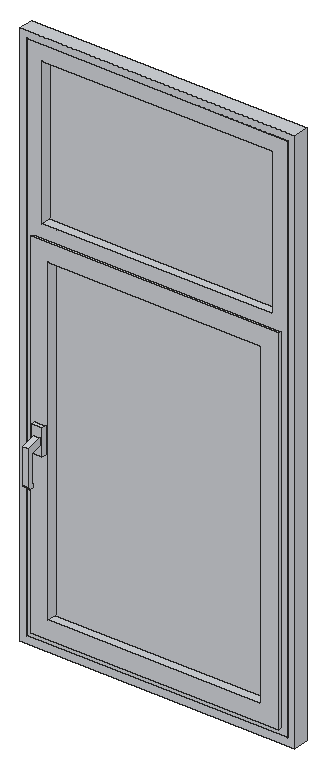
Revit family "Окно.Alumark_с фрамугой_S44", category Окна, Revit 2017
Family settings
  Основа = Стена
  Номер OmniClass = 23.30.20.00
  Заголовок OmniClass = Windows
  Всегда вертикально = Да
  При загрузке вырезать с полостями = Нет
  Общий = Нет
  Точка расчета площади = Нет
Parameters (values of type "760х1560 (правое-откидное)")
  штапик_ширина = 18 mm  # constant formula
  штапик_толщина = if(Тип стеклопакета = сп_24_мм, 20 mm, 28 mm)  # 28 mm
  четверть.справа.размер [instance] = if(Одинаковые четверти, Четверти, Четверть справа)  # 0 mm
  стена_толщина [instance] = 600 mm
  створка_ширина = Rough Width - (рама_ширина * 2)  # 672 mm
  створка_тип-2 = Створка оконная : 48/59 мм (ALM244202)
  створка_тип-1 = Створка оконная : 32/43 мм (ALM244201)
  створка_сверху_высота = Высота створки сверху - рама_ширина - (импост_ширина / 2)  # 425 mm
  створка_высота = Rough Height - (рама_ширина * 2)  # 1472 mm
  створка_внизу_высота = Rough Height - Высота створки сверху - рама_ширина - (импост_ширина / 2)  # 985 mm
  размер_Z = if(#_рамы = 2000000, 42 mm, 26 mm)  # 26 mm
  размер_Y = if(#_рамы = 2000000, 36 mm, 20 mm)  # 20 mm
  размер_X = if(#_створки = 20000, 59 mm, 43 mm)  # 43 mm
  профиль_створка_сверху_длина = if(Створка сверху = глухая_створка, 0 mm, ((Rough Width - (размер_Y * 2)) + (Высота створки сверху - (размер_Y * 2))) * 2)  # 0 mm
  профиль_створка_внизу_длина = if(Створка внизу = глухая_створка, 0 mm, ((Rough Width - (размер_Y * 2)) + (Rough Height - Высота створки сверху - (размер_Y * 2))) * 2)  # 3480 mm
  подоконник_глубина [instance] = if(стена_толщина < (Вставка окна + рама_толщина), Выступ подоконника + Выступ проёма внутри, (стена_толщина + Выступ подоконника + Выступ проёма внутри) - (Вставка окна + рама_толщина))  # 586 mm
  обозначение_проема_ширина = Rough Width / 6  # 126.667 mm
  обозначение_проема_высота = Rough Height / 6  # 260 mm
  импост_ширина = if(#_рамы = 2000000, 78 mm, 62 mm)  # 62 mm
  глухая_створка = Окна.Alumark_створка_двупольная (S44) : Глухая
  Четверть справа [instance] = 65 mm
  четверть.слева.размер [instance] = if(Одинаковые четверти, Четверти, Четверть слева)  # 0 mm
  Четверть слева [instance] = 65 mm
  четверть.сверху.размер [instance] = if(Одинаковые четверти, Четверти, Четверть сверху)  # 0 mm
  Четверть сверху [instance] = 75 mm
  Четверти [instance] = 0 mm
  профиль створки_ширина = if(#_створки = 20000, 59 mm, 43 mm)  # 43 mm
  Тип стеклопакета = 16мм 1-камерный : 16мм 1-камерный
  Тип створки = Створка оконная : 32/43 мм (ALM244201)
  ТБМ_Стеклопакет_Ширина 2 = if(Створка внизу = глухая_створка, Rough Width - ((размер_Z + 7 mm) * 2), Rough Width - ((размер_Y + размер_X + 4 mm) * 2))  # 626 mm
  ТБМ_Стеклопакет_Ширина 1 = if(Створка сверху = глухая_створка, Rough Width - ((размер_Z + 7 mm) * 2), Rough Width - ((размер_Y + размер_X + 4 mm) * 2))  # 694 mm
  ТБМ_Стеклопакет_Высота 2 = if(Створка внизу = глухая_створка, Rough Height - Высота створки сверху - ((размер_Z + 7 mm) * 2), Rough Height - Высота створки сверху - ((размер_Y + размер_X + 4 mm) * 2))  # 926 mm
  ТБМ_Стеклопакет_Высота 1 = if(Створка сверху = глухая_створка, Высота створки сверху - ((размер_Z + 7 mm) * 2), Высота створки сверху - ((размер_Y + размер_X + 4 mm) * 2))  # 434 mm
  ТБМ_Соответствие рекомендациям = if(or(Rough Width > 1200 mm, Rough Height > 3000 mm), "Размеры окна не соответствует рекомендациям компании ТБМ, требуется индивидуальный подбор", "Размеры окна соответствует рекомендациям компании ТБМ")  # "Размеры окна соответствует рекомендациям компании ТБМ"
  ТБМ_Расход_Клей = ((if(#_рамы = 2000000, 5, if(#_рамы = 3000000, 7, 3.5))) * 8) + (if(Створка сверху = глухая_створка, 0, if(#_створки = 30000, 10.5, if(#_створки = 40000, 15.5, 8.5))) * 4) * 2  # 28
  ТБМ_Площадь стеклопакета = (ТБМ_Стеклопакет_Высота 1 * ТБМ_Стеклопакет_Ширина 1) + (ТБМ_Стеклопакет_Высота 2 * ТБМ_Стеклопакет_Ширина 2)  # 0.880872 m²
  ТБМ_Количество_Уголок жесткости = (if(Створка сверху = глухая_створка, 0, 4)) + (if(Створка внизу = глухая_створка, 0, 4))  # 4
  ТБМ_Количество_Уголок выравнивающий = (if(Створка сверху = глухая_створка, 0, 4)) + (if(Створка внизу = глухая_створка, 0, 4)) + 4  # 8
  ТБМ_Количество_Угловой соединитель створки = (if(Створка сверху = глухая_створка, 0, 4)) + (if(Створка внизу = глухая_створка, 0, 4))  # 4
  ТБМ_Количество_Угловой соединитель рамы = 4  # constant formula
  ТБМ_Количество_Распорный штифт = (ТБМ_Количество_Угловой соединитель рамы * 4) + (ТБМ_Количество_Угловой соединитель створки * 4)  # 32
  ТБМ_Количество_Подкладка под СП = 12  # constant formula
  ТБМ_Длина_Штапик = (if(Створка сверху = глухая_створка, ((Rough Width - (размер_Z * 2)) + (Высота створки сверху - (размер_Z * 2))) * 2, ((Rough Width - ((размер_Y + размер_X) * 2)) + (Высота створки сверху - ((размер_Y + размер_X) * 2))) * 2)) + (if(Створка внизу = глухая_створка, ((Rough Width - (размер_Z * 2)) + (Rough Height - Высота створки сверху - (размер_Z * 2))) * 2, ((Rough Width - ((размер_Y + размер_X) * 2)) + (Rough Height - Высота створки сверху - ((размер_Y + размер_X) * 2))) * 2))  # 5448 mm
  ТБМ_Длина_Уплотнитель притвора = (if(Створка сверху = глухая_створка, 0 mm, ТБМ_Длина_Створка)) + (if(Створка внизу = глухая_створка, 0 mm, ТБМ_Длина_Створка))  # 3480 mm
  ТБМ_Длина_Уплотнитель наружный = (if(Створка сверху = глухая_створка, ТБМ_Длина_Рама, ТБМ_Длина_Створка)) + (if(Створка внизу = глухая_створка, ТБМ_Длина_Рама, ТБМ_Длина_Створка))  # 8120 mm
  ТБМ_Длина_Уплотнитель внутренний = (if(Створка сверху = глухая_створка, ТБМ_Длина_Рама, ТБМ_Длина_Створка)) + (if(Створка внизу = глухая_створка, ТБМ_Длина_Рама, ТБМ_Длина_Створка))  # 8120 mm
  ТБМ_Длина_Створка = профиль_створка_внизу_длина + профиль_створка_сверху_длина  # 3480 mm
  ТБМ_Длина_Рама = (Rough Width + Rough Height) * 2  # 4640 mm
  ТБМ_Длина_Отлив = (if(Створка сверху = глухая_створка, 0 mm, створка_ширина - (размер_Y * 2) - 74 mm)) + (if(Створка внизу = глухая_створка, 0 mm, (Rough Width - створка_ширина) - (размер_Y * 2) - 74 mm))  # -26 mm
  ТБМ_Длина_Импост = Rough Width - (размер_Y * 2)  # 720 mm
  ТБМ_Артикул_Штапик = if(Тип стеклопакета = сп_24_мм, "ALM244006", "ALM244013")  # "ALM244013"
  ТБМ_Артикул_Уплотнитель притвора = if(and(Створка сверху = глухая_створка, Створка внизу = глухая_створка), "", "ALM770001")  # "ALM770001"
  ТБМ_Артикул_Уплотнитель наружный = "ALM770004"  # constant formula
  ТБМ_Артикул_Уплотнитель внутренний = "ALM770207"  # constant formula
  ТБМ_Артикул_Уголок жесткости = if(and(Створка сверху = глухая_створка, Створка внизу = глухая_створка), "", "ALM744501")  # "ALM744501"
  ТБМ_Артикул_Уголок выравнивающий = "ALM744014"  # constant formula
  ТБМ_Артикул_Угловой соединитель створки = if(and(Створка сверху = глухая_створка, Створка внизу = глухая_створка), "", if(#_створки = 20000, "ALM420015", "ALM420011"))  # "ALM420011"
  ТБМ_Артикул_Угловой соединитель рамы = if(#_рамы = 2000000, "ALM420015", "ALM420011")  # "ALM420011"
  ТБМ_Артикул_Створка = if(and(Створка сверху = глухая_створка, Створка внизу = глухая_створка), "", if(#_створки = 20000, "ALM244202", "ALM244201"))  # "ALM244201"
  ТБМ_Артикул_Распорный штифт = "ALM885010"  # constant formula
  ТБМ_Артикул_Рама = if(#_рамы = 2000000, "ALM244102", "ALM244101")  # "ALM244101"
  ТБМ_Артикул_Подкладка под СП = "ALM740307"  # constant formula
  ТБМ_Артикул_Отлив = if(and(Створка сверху = глухая_створка, Створка внизу = глухая_створка), "", "ALM460035-1.07")  # "ALM460035-1.07"
  ТБМ_Артикул_Клей = "KMR0014"  # constant formula
  ТБМ_Артикул_Импост = if(#_рамы = 2000000, "ALM244302", "ALM244301")  # "ALM244301"
  Створка внизу = Окна.Alumark_створка_двупольная (S44) : Правая-откидная
  Створка сверху = Окна.Alumark_створка_двупольная (S44) : Глухая
  Тип рамы = Рама оконная : 44/26 мм (ALM244101)
  Тип подоконника [instance] = Окна.Alumark_подоконник : ПВХ
  таблица выбора = "Каталог_окна_S44"  # constant formula
  номер профиля = #_рамы + #_створки + if(Тип стеклопакета = сп_24_мм, 200, 100) + if(Заполнение стеклопакета = sp_energy, 2, if(Заполнение стеклопакета = sp_gaz, 3, 1))  # 1000101
  Разработчик (телефон) = "+7(495)649-85-43"  # constant formula
  Разработчик (e-mail) = "office@prorubim.com"  # constant formula
  Разработчик = "ООО ПРОРУБИМ"  # constant formula
  Материал фурнитуры = none
  Материал стекла = none
  рама_ширина = if(#_рамы = 2000000, 60 mm, 44 mm)  # 44 mm
  рама_толщина = 44 mm  # constant formula
  Материал рамы/створки = none
  Одинаковые четверти [instance] = yes
  Одинаковые монтажные зазоры [instance] = yes
  Type Comments = ""
  Type Image = схема_однопольное_фрамуга_сверху.png
  Заполнение стеклопакета = Обычный стеклопакет : Обычный стеклопакет
  Выступ проёма снаружи [instance] = 0 mm
  Выступ проёма внутри [instance] = 0 mm
  Выступ подоконника [instance] = 30 mm
  Материал подоконника = none
  Подоконник [instance] = no
  Отлив [instance] = no
  монтажный зазор.справа.размер [instance] = if(Одинаковые монтажные зазоры, Монтажные зазоры, [Монтажный зазор (справа)])  # 20 mm
  Монтажный зазор (справа) [instance] = 10 mm
  монтажный зазор.снизу.размер [instance] = if(Одинаковые монтажные зазоры, Монтажные зазоры, [Монтажный зазор (снизу)])  # 20 mm
  Монтажный зазор (снизу) [instance] = 10 mm
  монтажный зазор.слева.размер [instance] = if(Одинаковые монтажные зазоры, Монтажные зазоры, [Монтажный зазор (слева)])  # 20 mm
  Монтажный зазор (слева) [instance] = 10 mm
  монтажный зазор.сверху.размер [instance] = if(Одинаковые монтажные зазоры, Монтажные зазоры, [Монтажный зазор (сверху)])  # 20 mm
  Монтажный зазор (сверху) [instance] = 10 mm
  Монтажные зазоры [instance] = 20 mm
  Высота створки сверху = 500 mm
  Вставка окна [instance] = 0 mm
  Width [instance] = Rough Width + монтажный зазор.слева.размер + монтажный зазор.справа.размер  # 800 mm
  Thermal Resistance (R) = 0.1743 (m²·K)/W
  Visual Light Transmittance = 0.9
  Rough Width = 760 mm
  Rough Height = 1560 mm
  Описание = "Окно Проем ТБМ"
  Материал отлива = none
  Solar Heat Gain Coefficient = 0.86
  Коэффициент теплопередачи (U) = 5.7361 W/(m²·K)
  Изготовитель = "ТБМ"  # constant formula
  Model = ""
  Высота подоконника по умолчанию = 900 mm
  Замыкание стены = По основе
  Height [instance] = Rough Height + монтажный зазор.сверху.размер + монтажный зазор.снизу.размер  # 1600 mm
  Аналитическая конструкция = "Окна с одинарным остеклением - для жилых зданий"
  Автоматический подбор рамы и створки = yes
  sp_standart = Обычный стеклопакет : Обычный стеклопакет
  sp_gaz = Заполненный газом : Заполненный газом
  sp_energy = Энергосберегающие стекла : Энергосберегающие стекла
  ADSK_Марка [instance] = ""
  рама_тип-2 = Рама оконная : 60/42 мм (ALM244102)
  рама_тип-1 = Рама оконная : 44/26 мм (ALM244101)
  URL = "http://www.tbm.ru"
  ADSK_Откосы Глубина [instance] = 556 mm
  ADSK_Обозначение = "ГОСТ 21519-2003"
  ADSK_Наименование = size_lookup(таблица выбора, "", "ОАК СПО", номер профиля)  # "ОАК (Профиль рамы 44/26 мм) СПО (Обычный стеклопакет 16 мм)"
  сп_16_мм = 16мм 1-камерный : 16мм 1-камерный
  сп_24_мм = 24мм 1-камерный : 24мм 1-камерный
  ADSK_Завод-изготовитель = "ТБМ"  # constant formula
  #_створки = if(Створка сверху = глухая_створка, 0, if(Автоматический подбор рамы и створки, if(and(not(Rough Width > 800 mm), not(Rough Height > 2400 mm)), 10000, 20000), if(Тип створки = [створка_тип-2], 20000, 10000)))  # 0
  #_рамы = if(Автоматический подбор рамы и створки, if(and(not(Rough Width > 800 mm), not(Rough Height > 2400 mm)), 1000000, 2000000), if(Тип рамы = [рама_тип-2], 2000000, 1000000))  # 1000000
Reference planes
  plane 1 "По центру (Вперед/Назад)": y = 0
  plane 2 "По центру (Влево/Вправо)": x = 0
  plane 3 "Слева": x = -400
  plane 4 "Справа": x = 400
  plane 5 "Подоконник": z = 900
  plane 6 "Заголовок": z = 2500
  plane 7 "Наружный": y = 300
  plane 8 "Внутренние": y = -300
  plane 9 "вставка окна": y = 300
  plane 10: x = -400
  plane 11: x = 400
  plane 12: z = 2500
  plane 13: x = -380
  plane 14: x = 380
  plane 15: z = 2480
  plane 16: z = 920
  plane 17: y = 256
  plane 18: y = 300
  plane 19: y = -300
  plane 20: y = 246
  plane 21: z = 1980
  plane 22: y = 246
Forms (mm)
  Extrusion 1, solid, material <- "Материал рамы/створки", detail levels medium+fine
    sketch origin (0, 300, 0) x (1, 0, 0) y (0, 0, 1)
      loop
        line (-400, 2500) -> (-400, 900) -> (400, 900) -> (400, 2500) -> (-400, 2500)
    from 0 to 44
  Extrusion 2, void
    sketch origin (0, 300, 0) x (1, 0, 0) y (0, 0, 1)
      loop
        line (380, 2480) -> (-380, 2480) -> (-380, 920) -> (380, 920) -> (380, 2480)
    from 0 to 44
  Extrusion 3, void
    sketch origin (0, 300, 0) x (1, 0, 0) y (0, 0, 1)
      loop
        line (400, 900) -> (400, 2500) -> (-400, 2500) -> (-400, 900) -> (400, 900)
    from 0 to 44
  Extrusion 4, void
    sketch origin (0, -300, 0) x (1, 0, 0) y (0, 0, 1)
      loop
        line (-400, 900) -> (400, 900) -> (400, 2500) -> (-400, 2500) -> (-400, 900)
    from -600 to 0
  Sweep 5, solid, material <- "Материал рамы/створки", detail levels medium+fine
    path origin (0, 300, 0) x (-1, 0, 0) y (0, 0, 1)
      loop
        line (380, 920) -> (380, 2480) -> (-380, 2480) -> (-380, 920) -> (380, 920)
    profile origin (-380, 300, 1700) x (1, 0, 0) y (0, 1, 0)
      loop
        line (0, 0) -> (0, -44) -> (44, -44) -> (44, 0) -> (0, 0)
  Extrusion 6, solid, material <- "Материал отлива", visible <- "Отлив", detail levels fine
    sketch origin (0, 0, 0) x (0, -1, 0) y (0, 0, 1)
      loop
        line (-300, 900) -> (-300, 925) -> (-320, 900) -> (-300, 900)
    from -400 to 400
  Extrusion 7, solid, material <- "Материал стекла", detail levels coarse
    sketch origin (0, 300, 0) x (-1, 0, 0) y (0, 0, 1)
      loop
        line (400, 900) -> (400, 2500) -> (-400, 2500) -> (-400, 900) -> (400, 900)
    from 0 to -44
  Extrusion 8, solid, material <- "Материал рамы/створки", detail levels medium+fine
    sketch origin (-380, -787.139, 1000) x (0, -1, 0) y (0, 0, 1)
      loop
        line (-1087.139, 949) -> (-1043.139, 949) -> (-1043.139, 1011) -> (-1087.139, 1011) -> (-1087.139, 949)
    from 0 to -760
Cuts and joins
  Extrusion 2 cuts Extrusion 1
  joined: Sweep 5, Extrusion 8
Lines and regions (mm)
  Masking region 1, detail levels coarse+medium
    outline origin (0, 0, 0) x (1, 0, 0) y (0, 1, 0)
      loop
        line (-400, 256) -> (-336, 256) -> (-336, 300) -> (-400, 300) -> (-400, 256)
  Masking region 2, detail levels coarse+medium
    outline origin (-863.485, 0, 0) x (0, 1, 0) y (-1, 0, 0)
      loop
        line (256, -1263.485) -> (300, -1263.485) -> (300, -1199.485) -> (256, -1199.485) -> (256, -1263.485)
  Masking region 3, detail levels coarse+medium
    outline origin (0, 0, 0) x (0, -1, 0) y (0, 0, 1)
      loop
        line (-300, 964) -> (-300, 900) -> (-256, 900) -> (-256, 964) -> (-300, 964)
      loop
        line (-300, 2436) -> (-256, 2436) -> (-256, 2500) -> (-300, 2500) -> (-300, 2436)
      loop
        line (-300, 2011) -> (-300, 1949) -> (-256, 1949) -> (-256, 2011) -> (-300, 2011)
  Masking region 4, detail levels fine
    outline origin (0, 0, 0) x (1, 0, 0) y (0, 1, 0)
      loop
        line (-400, 300) -> (-400, 256) -> (-354, 256) -> (-354, 274) -> (-354, 290) -> (-336, 290) -> (-336, 300) -> (-400, 300)
      loop
        line (400, 300) -> (336, 300) -> (336, 290) -> (354, 290) -> (354, 274) -> (354, 256) -> (400, 256) -> (400, 300)
  Masking region 5, visible <- "Отлив", detail levels fine
    outline origin (0, 0, 0) x (1, 0, 0) y (0, 1, 0)
      loop
        line (-400, 320) -> (-400, 300) -> (400, 300) -> (400, 320) -> (-400, 320)
  Masking region 6, detail levels fine
    outline origin (0, 0, 0) x (0, -1, 0) y (0, 0, 1)
      loop
        line (-300, 2500) -> (-300, 2436) -> (-290, 2436) -> (-290, 2454) -> (-274, 2454) -> (-256, 2454) -> (-256, 2500) -> (-300, 2500)
      loop
        line (-300, 900) -> (-256, 900) -> (-256, 946) -> (-274, 946) -> (-290, 946) -> (-290, 964) -> (-300, 964) -> (-300, 900)
      loop
        line (-300, 2011) -> (-300, 1949) -> (-290, 1949) -> (-290, 1967) -> (-274, 1967) -> (-256, 1967) -> (-256, 1993) -> (-274, 1993) -> (-290, 1993) -> (-290, 2011) -> (-300, 2011)
  symbolic lines, style "Монтажный зазор", detail levels medium+fine
    curve 1: line (-380, 256, 0) -> (-380, 300, 0)
    curve 2: line (380, 256, 0) -> (380, 300, 0)
    curve 15: line (0, 300, 2480) -> (0, 256, 2480)
    curve 20: line (0, 300, 920) -> (0, 256, 920)
  symbolic lines, style "WindowsFrameMullionProjection", detail levels medium
    curve 3: line (-400, 300, 0) -> (-336, 300, 0)
    curve 4: line (-400, 256, 0) -> (-400, 300, 0)
    curve 5: line (-336, 256, 0) -> (-400, 256, 0)
    curve 6: line (-336, 300, 0) -> (-336, 256, 0)
    curve 7: line (400, 300, 0) -> (336, 300, 0)
    curve 8: line (400, 256, 0) -> (400, 300, 0)
    curve 9: line (336, 256, 0) -> (400, 256, 0)
    curve 10: line (336, 300, 0) -> (336, 256, 0)
    curve 11: line (0, 300, 2436) -> (0, 256, 2436)
    curve 12: line (0, 300, 2500) -> (0, 300, 2436)
    curve 13: line (0, 256, 2500) -> (0, 300, 2500)
    curve 14: line (0, 256, 2436) -> (0, 256, 2500)
    curve 16: line (0, 300, 900) -> (0, 256, 900)
    curve 17: line (0, 300, 964) -> (0, 300, 900)
    curve 18: line (0, 256, 964) -> (0, 300, 964)
    curve 19: line (0, 256, 900) -> (0, 256, 964)
    curve 25: line (0, 300, 2011) -> (0, 256, 2011)
    curve 26: line (0, 300, 1949) -> (0, 300, 2011)
    curve 27: line (0, 256, 1949) -> (0, 300, 1949)
    curve 28: line (0, 256, 2011) -> (0, 256, 1949)
  symbolic lines, style "WindowsSillHeadProjection", visible <- "Отлив", detail levels fine
    curve 21: line (0, 300, 930) -> (0, 320, 900)
    curve 22: line (0, 320, 900) -> (0, 320, 880)
  symbolic lines, style "WindowsOpeningProjection", detail levels coarse
    curve 23: line (400, 300, 900) -> (273.333, 300, 2240)
    curve 24: line (273.333, 300, 2240) -> (-400, 300, 2500)
Text (mm)
  text "снаружи" at (-3563.287, 2147.979, 0), in view "Опорный уровень"
  text "внутри" at (-3563.287, -2095.377, 0), in view "Опорный уровень"
  text "Exterior" at (0, 923.751, 2943.296), in view "Справа"
  text "Exterior" at (0, 1040.484, 2685.409), in view "Слева"
Dimensions and locks
  equal spacing: plane 3 "Слева", plane 2 "По центру (Влево/Вправо)", plane 4 "Справа"
  "Width": plane 3 "Слева" to plane 4 "Справа"
  "Height": plane 5 "Подоконник" to plane 6 "Заголовок"
  "Высота подоконника по умолчанию": plane 5 "Подоконник" to level
  locked: plane 7 "Наружный" to host wall at 0
  locked: plane 8 "Внутренние" to host wall
  "Вставка окна": plane 9 "вставка окна" to plane 7 "Наружный"
  "четверть.слева.размер": plane 3 "Слева" to plane 10
  "четверть.справа.размер": plane 11 to plane 4 "Справа"
  "четверть.сверху.размер": plane 12 to plane 6 "Заголовок"
  "монтажный зазор.слева.размер": plane 3 "Слева" to plane 13
  "монтажный зазор.справа.размер": plane 14 to plane 4 "Справа"
  "монтажный зазор.снизу.размер": plane 16 to plane 5 "Подоконник"
  "монтажный зазор.сверху.размер": plane 6 "Заголовок" to plane 15
  "рама_толщина": plane 9 "вставка окна" to plane 17
  "Выступ проёма снаружи": plane 7 "Наружный" to plane 18
  "Выступ проёма внутри": plane 19 to plane 8 "Внутренние"
  "рама_ширина": plane 13 to curve 6
  "рама_ширина": curve 10 to plane 14
  "рама_ширина": plane 13 to Masking region 1 sketch curve
  "рама_ширина": Masking region 2 sketch curve to plane 14
  "рама_ширина": plane 15 to curve 11
  "рама_ширина": plane 16 to curve 18
  locked: Extrusion 6 sketch curve to plane 18 at 20
  locked: Extrusion 6 sketch curve to plane 16 at 5
  "рама_ширина": plane 13 to Masking region 4 sketch curve
  locked: plane 9 "вставка окна" to Masking region 4 sketch curve at 10  (x2)
  "штапик_ширина": Masking region 4 sketch curve to Masking region 4 sketch curve  (x2)
  "рама_ширина": Masking region 4 sketch curve to plane 14
  "штапик_толщина": Masking region 4 sketch curve to plane 20  (x2)
  locked: curve 22 to plane 18 at 20
  locked: curve 22 to plane 5 "Подоконник" at 20
  locked: curve 21 to plane 16 at 10
  locked: plane 18 to Masking region 5 sketch curve at 20
  "рама_ширина": Masking region 3 sketch curve to plane 16
  "рама_ширина": Masking region 3 sketch curve to plane 15
  "рама_ширина": plane 15 to Masking region 6 sketch curve
  locked: plane 9 "вставка окна" to Masking region 6 sketch curve at 10  (x4)
  "штапик_толщина": Masking region 6 sketch curve to plane 22  (x4)
  "штапик_ширина": Masking region 6 sketch curve to Masking region 6 sketch curve  (x2)
  "рама_ширина": Masking region 6 sketch curve to plane 16
  "ADSK_Откосы Глубина": plane 17 to plane 8 "Внутренние"
  "обозначение_проема_высота": curve 24 to plane 12
  "обозначение_проема_ширина": plane 11 to curve 24
  "рама_ширина": profile plane to Sweep 5 sketch curve
  "рама_толщина": profile plane to Sweep 5 sketch curve
  "стена_толщина": host wall to host wall
  locked: plane 17 to plane 20 at 10
  "Высота створки сверху": plane 15 to plane 21
  equal spacing: Extrusion 8 sketch curve, plane 21, Extrusion 8 sketch curve
  "импост_ширина": Extrusion 8 sketch curve to Extrusion 8 sketch curve
  equal spacing: Masking region 3 sketch curve, plane 21, Masking region 3 sketch curve
  "импост_ширина": Masking region 3 sketch curve to Masking region 3 sketch curve
  equal spacing: curve 25, plane 21, curve 27
  "импост_ширина": curve 25 to curve 27
  equal spacing: Masking region 6 sketch curve, plane 21, Masking region 6 sketch curve
  "импост_ширина": Masking region 6 sketch curve to Masking region 6 sketch curve
  locked: Masking region 6 sketch curve to Masking region 6 sketch curve at 18  (x2)
  locked: plane 17 to plane 22 at 10
  aligned and locked: plane 6 "Заголовок" to Extrusion 1 sketch curve
  aligned and locked: plane 5 "Подоконник" to Extrusion 1 sketch curve
  aligned and locked: plane 4 "Справа" to Extrusion 1 sketch curve
  aligned and locked: plane 3 "Слева" to Extrusion 1 sketch curve
  aligned and locked: plane 9 "вставка окна" to Extrusion 1
  aligned and locked: Extrusion 1 to plane 17
  aligned and locked: plane 15 to Extrusion 2 sketch curve
  aligned and locked: Extrusion 2 sketch curve to plane 14
  aligned and locked: Extrusion 2 sketch curve to plane 16
  aligned and locked: plane 13 to Extrusion 2 sketch curve
  aligned and locked: plane 9 "вставка окна" to Extrusion 2
  aligned and locked: Extrusion 2 to plane 17
  aligned and locked: plane 11 to Extrusion 3 sketch curve
  aligned and locked: plane 10 to Extrusion 3 sketch curve
  aligned and locked: plane 12 to Extrusion 3 sketch curve
  aligned and locked: plane 5 "Подоконник" to Extrusion 3 sketch curve
  aligned and locked: plane 18 to Extrusion 3
  aligned and locked: Extrusion 3 to plane 17
  aligned and locked: Extrusion 4 sketch curve to plane 3 "Слева"
  aligned and locked: Extrusion 4 sketch curve to plane 6 "Заголовок"
  aligned and locked: Extrusion 4 sketch curve to plane 4 "Справа"
  aligned and locked: Extrusion 4 sketch curve to plane 5 "Подоконник"
  aligned and locked: plane 9 "вставка окна" to Extrusion 4
  aligned and locked: Extrusion 4 to plane 19
  aligned and locked: plane 15 to Sweep 5 sketch curve
  aligned and locked: plane 16 to Sweep 5 sketch curve
  aligned and locked: curve 1 to plane 13
  aligned and locked: curve 2 to plane 14
  aligned and locked: plane 17 to curve 1
  aligned and locked: plane 9 "вставка окна" to curve 2
  aligned and locked: plane 17 to curve 2
  aligned and locked: curve 3 to plane 9 "вставка окна"
  aligned and locked: plane 17 to curve 5
  aligned and locked: curve 4 to plane 3 "Слева"
  aligned and locked: curve 8 to plane 4 "Справа"
  aligned and locked: curve 9 to plane 17
  aligned and locked: Masking region 1 sketch curve to plane 9 "вставка окна"
  aligned and locked: Masking region 1 sketch curve to plane 17
  aligned and locked: Masking region 1 sketch curve to plane 3 "Слева"
  aligned and locked: plane 17 to Masking region 2 sketch curve
  aligned and locked: plane 9 "вставка окна" to Masking region 2 sketch curve
  aligned and locked: Masking region 2 sketch curve to plane 4 "Справа"
  aligned and locked: Masking region 3 sketch curve to plane 9 "вставка окна"  (x2)
  aligned and locked: plane 17 to Masking region 3 sketch curve  (x2)
  aligned and locked: Masking region 3 sketch curve to plane 5 "Подоконник"
  aligned and locked: curve 13 to plane 6 "Заголовок"
  aligned and locked: curve 14 to plane 17
  aligned and locked: plane 9 "вставка окна" to curve 15
  aligned and locked: plane 17 to curve 15
  aligned and locked: curve 15 to plane 15
  aligned and locked: plane 9 "вставка окна" to curve 17
  aligned and locked: plane 5 "Подоконник" to curve 16
  aligned and locked: plane 9 "вставка окна" to curve 20
  aligned and locked: plane 17 to curve 20
  aligned and locked: curve 20 to plane 16
  aligned and locked: Extrusion 6 sketch curve to plane 5 "Подоконник"
  aligned and locked: Extrusion 6 sketch curve to plane 9 "вставка окна"
  aligned and locked: Extrusion 6 to plane 10
  aligned and locked: plane 11 to Extrusion 6
  aligned and locked: nested 2 to plane 2 "По центру (Влево/Вправо)"
  aligned and locked: plane 5 "Подоконник" to nested 2
  aligned and locked: Masking region 4 sketch curve to plane 3 "Слева"
  aligned and locked: plane 17 to Masking region 4 sketch curve
  aligned and locked: Masking region 4 sketch curve to plane 9 "вставка окна"
  aligned and locked: Masking region 4 sketch curve to plane 4 "Справа"
  aligned and locked: Masking region 4 sketch curve to plane 17
  aligned and locked: plane 9 "вставка окна" to Masking region 4 sketch curve
  aligned and locked: plane 5 "Подоконник" to curve 22
  aligned and locked: nested 2 to plane 17
  aligned and locked: plane 10 to Masking region 5 sketch curve
  aligned and locked: Masking region 5 sketch curve to plane 11
  aligned and locked: plane 9 "вставка окна" to Masking region 5 sketch curve
  aligned and locked: plane 9 "вставка окна" to Masking region 3 sketch curve
  aligned and locked: Masking region 3 sketch curve to plane 17
  aligned and locked: Masking region 3 sketch curve to plane 6 "Заголовок"
  aligned and locked: plane 9 "вставка окна" to Masking region 6 sketch curve
  aligned and locked: plane 6 "Заголовок" to Masking region 6 sketch curve
  aligned and locked: plane 17 to Masking region 6 sketch curve  (x2)
  aligned and locked: Masking region 6 sketch curve to Masking region 6 sketch curve  (x2)
  aligned and locked: Masking region 6 sketch curve to plane 9 "вставка окна"  (x2)
  aligned and locked: Masking region 6 sketch curve to plane 17
  aligned and locked: plane 5 "Подоконник" to Masking region 6 sketch curve
  aligned and locked: plane 3 "Слева" to Extrusion 7 sketch curve
  aligned and locked: plane 4 "Справа" to Extrusion 7 sketch curve
  aligned and locked: plane 6 "Заголовок" to Extrusion 7 sketch curve
  aligned and locked: plane 5 "Подоконник" to Extrusion 7 sketch curve
  aligned and locked: Extrusion 7 to plane 17
  aligned and locked: Sweep 5 sketch curve to profile plane  (x2)
  aligned and locked: plane 13 to Sweep 5
  aligned and locked: plane 13 to Sweep 5 sketch curve
  aligned and locked: plane 14 to Sweep 5 sketch curve
  aligned and locked: nested 1 to cut or joined group of Sweep 5, Extrusion 8  (x2)
  aligned and locked: nested 3 to cut or joined group of Sweep 5, Extrusion 8  (x2)
  aligned and locked: plane 9 "вставка окна" to Extrusion 8 sketch curve
  aligned and locked: Extrusion 8 sketch curve to plane 17
  aligned and locked: plane 13 to Extrusion 8
  aligned and locked: Extrusion 8 to plane 14
  aligned and locked: plane 17 to curve 28
  aligned and locked: curve 26 to plane 9 "вставка окна"
Automatic sketch dimensions
  plane 3 "Слева" to curve 24 = 0 mm
  plane 4 "Справа" to curve 23 = 0 mm
  curve 23 to plane 5 "Подоконник" = 0 mm
  curve 24 to plane 6 "Заголовок" = 0 mm
Nested families
  nested 1: "Окна.Alumark_створка_двупольная (S44)" at (0, 300, 2223.5) x (1, 0, 0) z (0, -1, 0), type <- "Створка сверху", профиль_толщина <- "рама_толщина", штапик_толщина <- "штапик_толщина", штапик_ширина <- "штапик_ширина", профиль_ширина <- "профиль створки_ширина", Height <- "створка_сверху_высота", Width <- "створка_ширина", ADSK_Марка <- "ADSK_Марка", Материал створки <- "Материал рамы/створки", Материал стекла <- "Материал стекла", Материал фурнитуры <- "Материал фурнитуры", type "Глухая"
    with штапик_ширина 18 mm, штапик_толщина 28 mm, профиль_ширина 43 mm, профиль_толщина 44 mm, Width 672 mm, Материал фурнитуры none, Материал стекла none, Материал створки none, Height 425 mm, ADSK_Марка ""
  nested 2: "Окна.Alumark_подоконник" at (0, 256, 900), Материал подоконника <- "Материал подоконника", Width <- "Width", type <- "Тип подоконника", visible <- "Подоконник", выступ_подоконника <- "Выступ подоконника", ADSK_Размер_Глубина <- "подоконник_глубина", ADSK_Марка <- "ADSK_Марка", type "ПВХ", detail levels medium+fine
    with выступ_подоконника_размер 30 mm, выступ_подоконника 30 mm, Width 800 mm, Материал подоконника none, ADSK_Размер_Глубина 586 mm, ADSK_Марка ""
  nested 3: "Окна.Alumark_створка_двупольная (S44)" at (0, 300, 1456.5) x (1, 0, 0) z (0, -1, 0), type <- "Створка внизу", профиль_толщина <- "рама_толщина", штапик_толщина <- "штапик_толщина", штапик_ширина <- "штапик_ширина", профиль_ширина <- "профиль створки_ширина", Height <- "створка_внизу_высота", Width <- "створка_ширина", ADSK_Марка <- "ADSK_Марка", Материал створки <- "Материал рамы/створки", Материал стекла <- "Материал стекла", Материал фурнитуры <- "Материал фурнитуры", type "Правая-откидная"
    with штапик_ширина 18 mm, штапик_толщина 28 mm, профиль_ширина 43 mm, профиль_толщина 44 mm, Width 672 mm, Материал фурнитуры none, Материал стекла none, Материал створки none, Height 985 mm, ADSK_Марка ""
  nested 4: "Окна.Alumark_фурнитура_поворотно-откидная двупольная (S44)" at (-332.5, 246, 1456.5) x (1, 0, 0) z (0, -1, 0), type "Окна.Alumark_фурнитура_поворотно-откидная двупольная (S44)"
    with Width 672 mm, ТБМ_Фурн_Кол_7 0, ТБМ_Фурн_Кол_6 0, ТБМ_Фурн_Кол_5 1, ТБМ_Фурн_Кол_4 1, ТБМ_Фурн_Кол_3 0, ТБМ_Фурн_Кол_2 1, ТБМ_Фурн_Кол_1 1, ТБМ_Фурн_Имя_7 "", ТБМ_Фурн_Имя_6 " ", ТБМ_Фурн_Имя_5 "Ножницы №1", ТБМ_Фурн_Имя_4 "Запорные элементы", ТБМ_Фурн_Имя_3 "", ТБМ_Фурн_Имя_2 "Петли комплект", ТБМ_Фурн_Имя_1 "Ручка Prima", ТБМ_Фурн_Арт_7 "", ТБМ_Фурн_Арт_6 " ", ТБМ_Фурн_Арт_5 "GIE1340", ТБМ_Фурн_Арт_4 "GIE1399", ТБМ_Фурн_Арт_3 "", ТБМ_Фурн_Арт_2 "GIE1340", ТБМ_Фурн_Арт_1 "GIE1169", ТБМ_Соответствие рекомендациям "Размеры окна соответствует рекомендациям компании ТБМ", Материал ручки none, Левая no, Height 985 mm, ADSK_Марка ""
Definition of nested family "Окна.Alumark_створка_двупольная (S44)"
  Parameters (values of type "Глухая")
    штапик_ширина [instance] = 18 mm
    штапик_толщина [instance] = 18 mm
    ручка_справа (откидная) = no
    ручка_снизу = no
    ручка_слева (откидная) = no
    Материал фурнитуры [instance] = none
    Материал стекла [instance] = none
    ручка_справа = no
    ручка_слева = no
    ручка_сверху = no
    профиль_ширина [instance] = 55 mm
    профиль_толщина [instance] = 60 mm
    Материал створки [instance] = none
    открывание.правое = no
    открывание.нижнее = no
    открывание.верхнее = no
    открывание.левое = no
    открывание = no
    графика.план.глухое = not(графика.план.открывание)  # yes
    глухое = not(открывание)  # yes
    графика.план.открывание = no
    Width [instance] = 900 mm
    Default Elevation = 0 mm
    Description = "Окно Створка ТБМ"
    Height [instance] = 900 mm
    Analytic Construction = "<Нет>"
    ADSK_Марка [instance] = ""
  Types (5, lengths in mm): name | ручка_справа (откидная) | ручка_слева (откидная) | ручка_справа | ручка_слева | открывание.правое | открывание.верхнее | открывание.левое | открывание | графика.план.глухое | глухое | графика.план.открывание | Height
    Глухая | no | no | no | no | no | no | no | no | yes | yes | no | 900
    Левая | no | no | no | yes | no | no | yes | yes | no | no | yes | 900
    Правая | no | no | yes | no | yes | no | no | yes | no | no | yes | 1000
    Левая-откидная | no | yes | no | no | no | yes | yes | yes | no | no | yes | 1000
    Правая-откидная | yes | no | no | no | yes | yes | no | yes | no | no | yes | 1000
  Reference planes
    plane 1 "Центрирование (Вверх/Вниз)": y = 0
    plane 2: z = 0
    plane 3 "По центру (Влево/Вправо)": x = 0
    plane 4: x = -450
    plane 5: x = 450
    plane 6: y = 450
    plane 7: y = -450
    plane 8: z = 70
    plane 9: x = -440.5
    plane 10: x = 440.5
    plane 11: y = 440.5
    plane 12: y = -440.5
    plane 13: x = -413
    plane 14: x = 413
    plane 15: y = 413
    plane 16: y = -413
    plane 17: z = 10
    plane 18: y = -468
    plane 19: y = 468
    plane 20: x = 468
    plane 21: x = -468
    plane 22: z = 52
    plane 23: z = 60
  Forms (mm)
    Extrusion 1, solid
      sketch origin (0, 0, 0) x (1, 0, 0) y (0, 1, 0)
        loop
          line (-1219.2, 1219.2) -> (-1219.2, -1219.2) -> (1219.2, -1219.2) -> (1219.2, 1219.2) -> (-1219.2, 1219.2)
      from 0 to -150
    Extrusion 2, solid, material <- "Материал стекла", visible <- "открывание", detail levels medium+fine
      sketch origin (-1534.635, -4572, 10) x (-1, 0, 0) y (0, -1, 0)
        loop
          line (-1947.635, -4159) -> (-1947.635, -4985) -> (-1121.635, -4985) -> (-1121.635, -4159) -> (-1947.635, -4159)
      from 0 to 42
    Sweep 3, solid, material <- "Материал створки", visible <- "открывание", detail levels medium+fine
      path origin (0, 0, 0) x (1, 0, 0) y (0, 1, 0)
        loop
          line (-450, 450) -> (-450, -450) -> (450, -450) -> (450, 450) -> (-450, 450)
      profile origin (-450, 0, 0) x (1, 0, 0) y (0, 0, 1)
        loop
          line (0, 10) -> (6, 10) -> (6, 0) -> (37, 0) -> (37, 70) -> (-25, 70) -> (-25, 60) -> (0, 60) -> (0, 10)
    Extrusion 4, solid, material <- "Материал стекла", visible <- "глухое", detail levels medium+fine
      sketch origin (0, 0, 0) x (1, 0, 0) y (0, 1, 0)
        loop
          line (-450, 450) -> (-450, -450) -> (450, -450) -> (450, 450) -> (-450, 450)
      from 10 to 42
    Extrusion 5, solid, material <- "Материал створки", visible <- "открывание", detail levels fine
      sketch origin (0, 0, 0) x (0, 1, 0) y (0, 0, 1)
        loop
          line (-444, 0) -> (-444, -15) -> (-439, -15) -> (-431.5, 0) -> (-444, 0)
      from -440 to 440
  Lines and regions (mm)
    Masking region 1, visible <- "графика.план.открывание", detail levels fine
      outline origin (0, 0, 0) x (1, 0, 0) y (0, 0, 1)
        loop
          line (-475, 70) -> (-475, 60) -> (-468, 60) -> (-468, 10) -> (-450, 10) -> (-450, 0) -> (450, 0) -> (450, 10) -> (468, 10) -> (468, 60) -> (475, 60) -> (475, 70) -> (413, 70) -> (-413, 70) -> (-475, 70)
    Masking region 2, detail levels coarse+medium
      outline origin (0, 0, 0) x (1, 0, 0) y (0, 0, 1)
        loop
          line (-450, 0) -> (450, 0) -> (450, 60) -> (-450, 60) -> (-450, 0)
    Masking region 3, visible <- "графика.план.глухое", detail levels fine
      outline origin (0, 0, 0) x (1, 0, 0) y (0, 0, 1)
        loop
          line (-468, 60) -> (-468, 52) -> (-468, 10) -> (-450, 10) -> (-450, 0) -> (450, 0) -> (450, 10) -> (468, 10) -> (468, 52) -> (468, 60) -> (450, 60) -> (-450, 60) -> (-468, 60)
    Masking region 4, detail levels coarse+medium
      outline origin (0, 0, 0) x (0, 1, 0) y (0, 0, 1)
        loop
          line (450, 60) -> (-450, 60) -> (-450, 0) -> (450, 0) -> (450, 60)
    Masking region 5, visible <- "графика.план.открывание", detail levels fine
      outline origin (0, 0, 0) x (0, 1, 0) y (0, 0, 1)
        loop
          line (-413, 70) -> (-486, 70) -> (-486, 60) -> (-468, 60) -> (-468, 10) -> (-450, 10) -> (-450, 0) -> (450, 0) -> (450, 10) -> (468, 10) -> (468, 60) -> (486, 60) -> (486, 70) -> (413, 70) -> (-413, 70)
    Masking region 6, visible <- "графика.план.глухое", detail levels fine
      outline origin (0, 0, 0) x (0, 1, 0) y (0, 0, 1)
        loop
          line (468, 60) -> (450, 60) -> (-450, 60) -> (-468, 60) -> (-468, 52) -> (-468, 10) -> (-450, 10) -> (-450, 0) -> (450, 0) -> (450, 10) -> (468, 10) -> (468, 52) -> (468, 60)
    symbolic lines, visible <- "глухое", detail levels medium
      curve 1: line (0, -120, 0) -> (0, 120, 0)
      curve 2: line (-120, 0, 0) -> (120, 0, 0)
    symbolic lines, visible <- "открывание.левое", detail levels medium
      curve 3: line (-413, 413, 0) -> (413, 0, 0)
      curve 4: line (413, 0, 0) -> (-413, -413, 0)
    symbolic lines, visible <- "открывание.правое", detail levels medium
      curve 5: line (413, 413, 0) -> (-413, 0, 0)
      curve 6: line (-413, 0, 0) -> (413, -413, 0)
    symbolic lines, visible <- "открывание.верхнее", detail levels medium
      curve 7: line (-413, -413, 0) -> (0, 413, 0)
      curve 8: line (0, 413, 0) -> (413, -413, 0)
    symbolic lines, visible <- "открывание.нижнее", detail levels medium
      curve 9: line (-413, 413, 0) -> (0, -413, 0)
      curve 10: line (0, -413, 0) -> (413, 413, 0)
    symbolic lines, visible <- "ручка_справа", detail levels fine
      curve 11: line (-450.5, 0, 130) -> (-450.5, 0, 70)
      curve 12: line (-430.5, 0, 70) -> (-430.5, 0, 130)
      curve 13: line (-430.5, 0, 130) -> (-450.5, 0, 130)
    symbolic lines, visible <- "ручка_слева", detail levels fine
      curve 14: line (450.5, 0, 70) -> (450.5, 0, 130)
      curve 15: line (430.5, 0, 130) -> (430.5, 0, 70)
      curve 16: line (450.5, 0, 130) -> (430.5, 0, 130)
    symbolic lines, visible <- "графика.план.открывание", detail levels fine
      curve 17: line (-431, 0, 52) -> (431, 0, 52)
      curve 18: line (-431, 0, 10) -> (431, 0, 10)
      curve 20: line (-413, 0, 0) -> (-450, 0, 0)
      curve 21: line (413, 0, 0) -> (450, 0, 0)
      curve 22: line (-413, 0, 0) -> (413, 0, 0)
      curve 23: line (-413, 0, 0) -> (-413, 0, 10)
      curve 24: line (-413, 0, 10) -> (-431, 0, 10)
      curve 25: line (-431, 0, 10) -> (-431, 0, 52)
      curve 26: line (-431, 0, 52) -> (-413, 0, 52)
      curve 27: line (-413, 0, 52) -> (-413, 0, 70)
      curve 28: line (413, 0, 0) -> (413, 0, 10)
      curve 29: line (413, 0, 10) -> (431, 0, 10)
      curve 30: line (431, 0, 10) -> (431, 0, 52)
      curve 31: line (431, 0, 52) -> (413, 0, 52)
      curve 32: line (413, 0, 52) -> (413, 0, 70)
      curve 40: line (0, -413, 70) -> (0, -413, 52)
      curve 41: line (0, -413, 52) -> (0, -431, 52)
      curve 42: line (0, -431, 52) -> (0, -431, 10)
      curve 43: line (0, -431, 10) -> (0, -413, 10)
      curve 44: line (0, -413, 10) -> (0, -413, 0)
      curve 45: line (0, -413, 0) -> (0, -450, 0)
      curve 46: line (0, 431, 52) -> (0, -431, 52)
      curve 47: line (0, 431, 10) -> (0, -431, 10)
      curve 48: line (0, 413, 70) -> (0, 413, 52)
      curve 49: line (0, 413, 52) -> (0, 431, 52)
      curve 50: line (0, 431, 52) -> (0, 431, 10)
      curve 51: line (0, 431, 10) -> (0, 413, 10)
      curve 52: line (0, 413, 10) -> (0, 413, 0)
      curve 53: line (0, 413, 0) -> (0, 450, 0)
    symbolic lines, detail levels medium
      curve 19: line (-450, 0, 30) -> (450, 0, 30)
      curve 39: line (0, 450, 30) -> (0, -450, 30)
    symbolic lines, visible <- "графика.план.глухое", detail levels fine
      curve 33: line (-468, 0, 52) -> (-450, 0, 52)
      curve 34: line (-450, 0, 52) -> (-450, 0, 60)
      curve 35: line (468, 0, 52) -> (450, 0, 52)
      curve 36: line (450, 0, 52) -> (450, 0, 60)
      curve 37: line (-468, 0, 52) -> (468, 0, 52)
      curve 38: line (-468, 0, 10) -> (468, 0, 10)
      curve 54: line (0, 450, 60) -> (0, 450, 52)
      curve 55: line (0, 450, 52) -> (0, 468, 52)
      curve 56: line (0, -450, 60) -> (0, -450, 52)
      curve 57: line (0, -450, 52) -> (0, -468, 52)
      curve 58: line (0, 468, 52) -> (0, -468, 52)
      curve 59: line (0, 468, 10) -> (0, -468, 10)
  Dimensions and locks
    equal spacing: plane 7, plane 1 "Центрирование (Вверх/Вниз)", plane 6
    equal spacing: plane 4, plane 3 "По центру (Влево/Вправо)", plane 5
    "Height": plane 7 to plane 6
    "Width": plane 4 to plane 5
    "профиль_толщина": plane 8 to plane 17
    "профиль_ширина": plane 21 to plane 13
    "профиль_ширина": plane 14 to plane 20
    "профиль_ширина": plane 18 to plane 16
    "профиль_ширина": plane 15 to plane 19
    equal spacing: plane 19, plane 11, plane 15
    equal spacing: plane 18, plane 12, plane 16
    equal spacing: plane 21, plane 9, plane 13
    equal spacing: plane 14, plane 10, plane 20
    curve 2 to plane 3 "По центру (Влево/Вправо)" to curve 2 = 120 mm locked, 120 mm locked
    curve 1 to plane 1 "Центрирование (Вверх/Вниз)" to curve 1 = 120 mm locked, 120 mm locked
    locked: plane 17 to plane 2 at 10
    curve 15 to plane 10 to curve 14 = 10 mm locked, 10 mm locked
    locked: curve 16 to plane 8 at 60
    curve 12 to plane 9 to curve 11 = 10 mm locked, 10 mm locked
    locked: curve 13 to plane 8 at 60
    "штапик_толщина": plane 8 to Extrusion 2
    "штапик_ширина": plane 7 to plane 18
    "штапик_ширина": plane 6 to plane 19
    "штапик_ширина": plane 5 to plane 20
    "штапик_ширина": plane 21 to plane 4
    locked: Masking region 1 sketch curve to plane 20 at 7
    locked: Masking region 1 sketch curve to plane 21 at 7
    "штапик_толщина": plane 8 to curve 26
    "штапик_ширина": plane 13 to curve 25
    "штапик_толщина": plane 8 to curve 31
    "штапик_ширина": plane 14 to curve 30
    "профиль_толщина": Masking region 3 sketch curve to plane 2
    "штапик_толщина": plane 8 to Masking region 3 sketch curve  (x2)
    "штапик_толщина": plane 8 to plane 22
    "штапик_толщина": plane 23 to Extrusion 4
    equal spacing: Masking region 4, curve 39, plane 2
    "штапик_ширина": plane 18 to Masking region 5 sketch curve
    "штапик_ширина": Masking region 5 sketch curve to plane 19
    "штапик_ширина": plane 16 to curve 42
    "штапик_ширина": curve 50 to plane 15
    "штапик_толщина": plane 8 to Masking region 6 sketch curve  (x2)
    "штапик_толщина": plane 8 to curve 55
    "штапик_толщина": plane 8 to curve 57
    "штапик_толщина": plane 8 to curve 58
    equal spacing: Masking region 2, curve 19, plane 2
    "штапик_толщина": plane 8 to curve 33
    locked: Sweep 3 sketch curve to profile plane at 25
    locked: profile plane to Sweep 3 sketch curve at 6
    "профиль_толщина": Masking region 4 sketch curve to level
    "профиль_толщина": Masking region 6 sketch curve to level
    "профиль_толщина": Masking region 2 sketch curve to level
    "профиль_толщина": plane 23 to level
    locked: Extrusion 5 to plane 13 at 27
    locked: plane 14 to Extrusion 5 at 27
    Extrusion 5 sketch curve to Extrusion 5 sketch curve to Extrusion 5 sketch curve to plane 7 = 7.5 mm locked, 5 mm locked, 6 mm locked
    locked: level to Extrusion 5 sketch curve at 15
    aligned and locked: plane 2 to Extrusion 1
    aligned and locked: level to Extrusion 1
    aligned and locked: plane 3 "По центру (Влево/Вправо)" to curve 1
    aligned and locked: plane 1 "Центрирование (Вверх/Вниз)" to curve 2
    aligned and locked: Masking region 1 sketch curve to plane 8  (x2)
    aligned and locked: plane 13 to Masking region 1 sketch curve
    aligned and locked: plane 14 to Masking region 1 sketch curve
    aligned and locked: Masking region 2 sketch curve to level
    aligned and locked: Masking region 2 sketch curve to plane 4
    aligned and locked: plane 5 to Masking region 2 sketch curve
    aligned and locked: plane 4 to curve 19
    aligned and locked: plane 5 to curve 19
    aligned and locked: plane 4 to curve 20
    aligned and locked: plane 13 to curve 20
    aligned and locked: plane 5 to curve 21
    aligned and locked: plane 14 to curve 21
    aligned and locked: Sweep 3 sketch curve to plane 4
    aligned and locked: Sweep 3 sketch curve to plane 5
    aligned and locked: Sweep 3 sketch curve to plane 6
    aligned and locked: Sweep 3 sketch curve to plane 7
    aligned and locked: plane 9 to nested 1
    aligned and locked: plane 1 "Центрирование (Вверх/Вниз)" to nested 1
    aligned and locked: nested 2 to plane 10
    aligned and locked: plane 1 "Центрирование (Вверх/Вниз)" to nested 2
    aligned and locked: plane 14 to Extrusion 2 sketch curve
    aligned and locked: plane 13 to Extrusion 2 sketch curve
    aligned and locked: Extrusion 2 sketch curve to plane 15
    aligned and locked: plane 16 to Extrusion 2 sketch curve
    aligned and locked: plane 17 to Masking region 1 sketch curve
    aligned and locked: Masking region 1 sketch curve to plane 20
    aligned and locked: plane 5 to Masking region 1 sketch curve
    aligned and locked: Masking region 1 sketch curve to plane 17
    aligned and locked: Masking region 1 sketch curve to plane 21
    aligned and locked: plane 4 to Masking region 1 sketch curve
    aligned and locked: plane 13 to curve 27
    aligned and locked: curve 32 to plane 14
    aligned and locked: Masking region 1 sketch curve to plane 2
    aligned and locked: Masking region 3 sketch curve to plane 21
    aligned and locked: Masking region 3 sketch curve to plane 17  (x2)
    aligned and locked: Masking region 3 sketch curve to plane 4
    aligned and locked: Masking region 3 sketch curve to level
    aligned and locked: plane 5 to Masking region 3 sketch curve
    aligned and locked: plane 20 to Masking region 3 sketch curve
    aligned and locked: plane 5 to curve 36
    aligned and locked: plane 4 to curve 34
    aligned and locked: plane 21 to curve 37
    aligned and locked: plane 21 to curve 38
    aligned and locked: plane 20 to curve 37
    aligned and locked: plane 20 to curve 38
    aligned and locked: curve 38 to plane 17
    aligned and locked: Extrusion 4 sketch curve to plane 4
    aligned and locked: Extrusion 4 sketch curve to plane 6
    aligned and locked: Extrusion 4 sketch curve to plane 5
    aligned and locked: Extrusion 4 sketch curve to plane 7
    aligned and locked: plane 6 to Masking region 4 sketch curve
    aligned and locked: Masking region 4 sketch curve to plane 7
    aligned and locked: plane 2 to Masking region 4 sketch curve
    aligned and locked: plane 6 to curve 39
    aligned and locked: plane 7 to curve 39
    aligned and locked: plane 16 to Masking region 5 sketch curve
    aligned and locked: Masking region 5 sketch curve to plane 8
    aligned and locked: plane 17 to Masking region 5 sketch curve
    aligned and locked: Masking region 5 sketch curve to plane 18
    aligned and locked: Masking region 5 sketch curve to plane 7
    aligned and locked: plane 8 to Masking region 5 sketch curve
    aligned and locked: Masking region 5 sketch curve to plane 17
    aligned and locked: Masking region 5 sketch curve to plane 6
    aligned and locked: plane 19 to Masking region 5 sketch curve
    aligned and locked: plane 15 to Masking region 5 sketch curve
    aligned and locked: plane 16 to curve 40
    aligned and locked: curve 41 to plane 22
    aligned and locked: curve 43 to curve 47
    aligned and locked: plane 16 to curve 44
    aligned and locked: plane 7 to curve 45
    aligned and locked: plane 15 to curve 48
    aligned and locked: plane 22 to curve 49
    aligned and locked: plane 6 to curve 53
    aligned and locked: plane 15 to curve 52
    aligned and locked: curve 46 to plane 22
    aligned and locked: Masking region 6 sketch curve to plane 2
    aligned and locked: plane 7 to Masking region 6 sketch curve  (x2)
    aligned and locked: Masking region 6 sketch curve to plane 17  (x2)
    aligned and locked: Masking region 6 sketch curve to plane 18  (x2)
    aligned and locked: plane 6 to Masking region 6 sketch curve
    aligned and locked: Masking region 6 sketch curve to plane 19
    aligned and locked: Masking region 6 sketch curve to plane 6
    aligned and locked: curve 56 to plane 7
    aligned and locked: plane 18 to curve 57
    aligned and locked: curve 54 to plane 6
    aligned and locked: plane 19 to curve 55
    aligned and locked: curve 59 to plane 17
    aligned and locked: plane 19 to curve 59
    aligned and locked: plane 18 to curve 59
    aligned and locked: plane 19 to curve 58
    aligned and locked: plane 18 to curve 58
    aligned and locked: curve 37 to curve 33
    aligned and locked: curve 35 to curve 33
    aligned and locked: Sweep 3 sketch curve to plane 13
    aligned and locked: Sweep 3 sketch curve to profile plane
    aligned and locked: Sweep 3 sketch curve to plane 8
    aligned and locked: plane 17 to Sweep 3 sketch curve
    aligned and locked: curve 45 to level
    aligned and locked: level to curve 53
    aligned and locked: curve 47 to plane 17
    aligned and locked: curve 22 to level
    aligned and locked: curve 18 to plane 17
    aligned and locked: Masking region 3 to curve 34
    aligned and locked: curve 36 to Masking region 3
    aligned and locked: Masking region 6 to curve 56
    aligned and locked: curve 54 to Masking region 6
    aligned and locked: Extrusion 4 to plane 17
    aligned and locked: Extrusion 2 to plane 17
    aligned and locked: Extrusion 5 sketch curve to level
    aligned and locked: plane 9 to nested 3
    aligned and locked: plane 1 "Центрирование (Вверх/Вниз)" to nested 3
    aligned and locked: nested 4 to plane 10
    aligned and locked: plane 1 "Центрирование (Вверх/Вниз)" to nested 4
    aligned and locked: plane 23 to Sweep 3 sketch curve
    aligned and locked: Masking region 1 sketch curve to plane 23  (x2)
    aligned and locked: plane 23 to Masking region 5 sketch curve
    aligned and locked: Masking region 5 sketch curve to plane 23
  Automatic sketch dimensions
    Extrusion 1 sketch curve to Extrusion 1 sketch curve = 2438.4 mm  (x2)
    plane 1 "Центрирование (Вверх/Вниз)" to curve 6 = 0 mm
    curve 6 to plane 13 = 0 mm
    curve 4 to plane 13 = 0 mm
    curve 9 to plane 13 = 0 mm
    curve 8 to plane 3 "По центру (Влево/Вправо)" = 0 mm
    curve 10 to plane 3 "По центру (Влево/Вправо)" = 0 mm
    curve 8 to plane 14 = 0 mm
    plane 1 "Центрирование (Вверх/Вниз)" to curve 4 = 0 mm
    curve 4 to plane 14 = 0 mm
    curve 5 to plane 14 = 0 mm
    curve 10 to plane 16 = 0 mm
    curve 6 to plane 16 = 0 mm
    curve 4 to plane 16 = 0 mm
    curve 5 to plane 15 = 0 mm
    curve 9 to plane 15 = 0 mm
    curve 8 to plane 15 = 0 mm
    Sweep 3 sketch curve to level = 0 mm
    Masking region 5 sketch curve to level = 0 mm
    curve 40 to plane 8 = 0 mm
    curve 48 to plane 8 = 0 mm
    curve 33 to plane 21 = 0 mm
    curve 35 to plane 20 = 0 mm
    curve 32 to plane 8 = 0 mm
    curve 27 to plane 8 = 0 mm
    curve 15 to plane 8 = 0 mm
    curve 11 to plane 8 = 0 mm
    curve 14 to plane 8 = 0 mm
    curve 12 to plane 8 = 0 mm
    Masking region 3 sketch curve to plane 4 = 0 mm
    Masking region 3 sketch curve to plane 5 = 0 mm
  Nested families
    nested 1: "Окна.Alumark_фурнитура_поворотная двупольная (S44)" at (-440.5, 0, 70), visible <- "ручка_справа", Width <- "Width", Height <- "Height", ADSK_Марка <- "ADSK_Марка", Материал ручки <- "Материал фурнитуры", type "Окна.Alumark_фурнитура_поворотная двупольная (S44)", detail levels fine
      with Width 900 mm, ТБМ_Фурн_Кол_7 0, ТБМ_Фурн_Кол_6 0, ТБМ_Фурн_Кол_5 0, ТБМ_Фурн_Кол_4 0, ТБМ_Фурн_Кол_3 0, ТБМ_Фурн_Кол_2 0, ТБМ_Фурн_Кол_1 1, ТБМ_Фурн_Имя_7 " ", ТБМ_Фурн_Имя_6 " ", ТБМ_Фурн_Имя_5 " ", ТБМ_Фурн_Имя_4 " ", ТБМ_Фурн_Имя_3 " ", ТБМ_Фурн_Имя_2 " ", ТБМ_Фурн_Имя_1 "Комплект поворотный", ТБМ_Фурн_Арт_7 " ", ТБМ_Фурн_Арт_6 " ", ТБМ_Фурн_Арт_5 " ", ТБМ_Фурн_Арт_4 " ", ТБМ_Фурн_Арт_3 " ", ТБМ_Фурн_Арт_2 " ", ТБМ_Фурн_Арт_1 "GIE4705", ТБМ_Соответствие рекомендациям "Размеры окна соответствует рекомендациям компании ТБМ", Материал ручки none, Левая no, Height 900 mm, ADSK_Марка ""
    nested 2: "Окна.Alumark_фурнитура_поворотная двупольная (S44)" at (440.5, 0, 70), visible <- "ручка_слева", Width <- "Width", Height <- "Height", ADSK_Марка <- "ADSK_Марка", Материал ручки <- "Материал фурнитуры", type "Окна.Alumark_фурнитура_поворотная двупольная (S44)", detail levels fine
      with Width 900 mm, ТБМ_Фурн_Кол_7 0, ТБМ_Фурн_Кол_6 0, ТБМ_Фурн_Кол_5 0, ТБМ_Фурн_Кол_4 0, ТБМ_Фурн_Кол_3 0, ТБМ_Фурн_Кол_2 0, ТБМ_Фурн_Кол_1 1, ТБМ_Фурн_Имя_7 " ", ТБМ_Фурн_Имя_6 " ", ТБМ_Фурн_Имя_5 " ", ТБМ_Фурн_Имя_4 " ", ТБМ_Фурн_Имя_3 " ", ТБМ_Фурн_Имя_2 " ", ТБМ_Фурн_Имя_1 "Комплект поворотный", ТБМ_Фурн_Арт_7 " ", ТБМ_Фурн_Арт_6 " ", ТБМ_Фурн_Арт_5 " ", ТБМ_Фурн_Арт_4 " ", ТБМ_Фурн_Арт_3 " ", ТБМ_Фурн_Арт_2 " ", ТБМ_Фурн_Арт_1 "GIE4705", ТБМ_Соответствие рекомендациям "Размеры окна соответствует рекомендациям компании ТБМ", Материал ручки none, Левая yes, Height 900 mm, ADSK_Марка ""
    nested 3: "Окна.Alumark_фурнитура_поворотно-откидная двупольная (S44)" at (-440.5, 0, 70), visible <- "ручка_справа (откидная)", Width <- "Width", Height <- "Height", ADSK_Марка <- "ADSK_Марка", Материал ручки <- "Материал фурнитуры", type "Окна.Alumark_фурнитура_поворотно-откидная двупольная (S44)", detail levels fine
      with Width 900 mm, ТБМ_Фурн_Кол_7 0, ТБМ_Фурн_Кол_6 0, ТБМ_Фурн_Кол_5 1, ТБМ_Фурн_Кол_4 1, ТБМ_Фурн_Кол_3 0, ТБМ_Фурн_Кол_2 1, ТБМ_Фурн_Кол_1 1, ТБМ_Фурн_Имя_7 "", ТБМ_Фурн_Имя_6 " ", ТБМ_Фурн_Имя_5 "Ножницы №1", ТБМ_Фурн_Имя_4 "Запорные элементы", ТБМ_Фурн_Имя_3 "", ТБМ_Фурн_Имя_2 "Петли комплект", ТБМ_Фурн_Имя_1 "Ручка Prima", ТБМ_Фурн_Арт_7 "", ТБМ_Фурн_Арт_6 " ", ТБМ_Фурн_Арт_5 "GIE1340", ТБМ_Фурн_Арт_4 "GIE1399", ТБМ_Фурн_Арт_3 "", ТБМ_Фурн_Арт_2 "GIE1340", ТБМ_Фурн_Арт_1 "GIE1169", ТБМ_Соответствие рекомендациям "Размеры окна соответствует рекомендациям компании ТБМ", Материал ручки none, Левая no, Height 900 mm, ADSK_Марка ""
    nested 4: "Окна.Alumark_фурнитура_поворотно-откидная двупольная (S44)" at (440.5, 0, 70), visible <- "ручка_слева (откидная)", Width <- "Width", Height <- "Height", ADSK_Марка <- "ADSK_Марка", Материал ручки <- "Материал фурнитуры", type "Окна.Alumark_фурнитура_поворотно-откидная двупольная (S44)", detail levels fine
      with Width 900 mm, ТБМ_Фурн_Кол_7 0, ТБМ_Фурн_Кол_6 0, ТБМ_Фурн_Кол_5 1, ТБМ_Фурн_Кол_4 1, ТБМ_Фурн_Кол_3 0, ТБМ_Фурн_Кол_2 1, ТБМ_Фурн_Кол_1 1, ТБМ_Фурн_Имя_7 "", ТБМ_Фурн_Имя_6 " ", ТБМ_Фурн_Имя_5 "Ножницы №1", ТБМ_Фурн_Имя_4 "Запорные элементы", ТБМ_Фурн_Имя_3 "", ТБМ_Фурн_Имя_2 "Петли комплект", ТБМ_Фурн_Имя_1 "Ручка Prima", ТБМ_Фурн_Арт_7 "", ТБМ_Фурн_Арт_6 " ", ТБМ_Фурн_Арт_5 "GIE1340", ТБМ_Фурн_Арт_4 "GIE1399", ТБМ_Фурн_Арт_3 "", ТБМ_Фурн_Арт_2 "GIE1340", ТБМ_Фурн_Арт_1 "GIE1169", ТБМ_Соответствие рекомендациям "Размеры окна соответствует рекомендациям компании ТБМ", Материал ручки none, Левая yes, Height 900 mm, ADSK_Марка ""
  Definition of nested family "Окна.Alumark_фурнитура_поворотная двупольная (S44)"
    Parameters (values of type "Окна.Alumark_фурнитура_поворотная однопольная (S44)")
      Width [instance] = 1200 mm
      ТБМ_Фурн_Кол_7 [instance] = if(Height > 1200 mm, 1, 0)  # 0
      ТБМ_Фурн_Кол_6 [instance] = if(Height > 1200 mm, 1, 0)  # 0
      ТБМ_Фурн_Кол_5 [instance] = if(Height > 1200 mm, 2, 0)  # 0
      ТБМ_Фурн_Кол_4 [instance] = if(and(not(Width > 1200 mm), not(Height > 1200 mm)), 0, if(and(not(Width > 1200 mm), Height > 1200 mm), 1, if(and(Width > 1200 mm, not(Height > 1200 mm)), 2, 3)))  # 0
      ТБМ_Фурн_Кол_3 [instance] = if(Height > 1200 mm, 1, 0)  # 0
      ТБМ_Фурн_Кол_2 [instance] = if(Height > 1200 mm, 1, 0)  # 0
      ТБМ_Фурн_Кол_1 [instance] = 1  # constant formula
      ТБМ_Фурн_Имя_7 [instance] = if(Width > 1200 mm, "Планкаа приемная", " ")  # " "
      ТБМ_Фурн_Имя_6 [instance] = if(Width > 1200 mm, "Подпятник на раме", " ")  # " "
      ТБМ_Фурн_Имя_5 [instance] = if(Width > 1200 mm, "Передача угловая", " ")  # " "
      ТБМ_Фурн_Имя_4 [instance] = if(and(not(Width > 1200 mm), not(Height > 1200 mm)), " ", "Планка ответная")  # " "
      ТБМ_Фурн_Имя_3 [instance] = if(Height > 1200 mm, "Запор регулируемый", " ")  # " "
      ТБМ_Фурн_Имя_2 [instance] = if(Height > 1200 mm, "Петля Flash 75 кг", " ")  # " "
      ТБМ_Фурн_Имя_1 [instance] = "Комплект поворотный"  # constant formula
      ТБМ_Фурн_Арт_7 [instance] = if(Width > 1200 mm, "GIE4746", " ")  # " "
      ТБМ_Фурн_Арт_6 [instance] = if(Width > 1200 mm, "GIE4680", " ")  # " "
      ТБМ_Фурн_Арт_5 [instance] = if(Width > 1200 mm, "GIE1369", " ")  # " "
      ТБМ_Фурн_Арт_4 [instance] = if(and(not(Width > 1200 mm), not(Height > 1200 mm)), " ", "GIE1271")  # " "
      ТБМ_Фурн_Арт_3 [instance] = if(Height > 1200 mm, "GIE0016", " ")  # " "
      ТБМ_Фурн_Арт_2 [instance] = if(Height > 1200 mm, "GIE0026", " ")  # " "
      ТБМ_Фурн_Арт_1 [instance] = "GIE4705"  # constant formula
      ТБМ_Соответствие рекомендациям [instance] = if(or(Width > 1700 mm, Height > 2500 mm), "Размеры окна не соответствует рекомендациям компании ТБМ, требуется индивидуальный подбор", "Размеры окна соответствует рекомендациям компании ТБМ")  # "Размеры окна соответствует рекомендациям компании ТБМ"
      Default Elevation = 0 mm
      Description = "Окно Фурнитура ТБМ"
      Материал ручки [instance] = none
      Левая [instance] = yes
      Manufacturer = "ТБМ"  # constant formula
      Height [instance] = 900 mm
      Analytic Construction = "<Нет>"
      ADSK_Обозначение = ""
      ADSK_Наименование = "Комплектация поворотного окна FUTURA CLASSIC (75/85 кг)"  # constant formula
      ADSK_Марка [instance] = ""
    Reference planes
      plane 1 "По центру (Вперед/Назад)": y = 0
      plane 2: z = 0
      plane 3 "По центру (Влево/Вправо)": x = 0
    Forms (mm)
      Extrusion 1, solid
        sketch origin (0, 0, 0) x (1, 0, 0) y (0, 1, 0)
          loop
            line (-115, 157.5) -> (-115, -158.53) -> (116.434, -158.53) -> (116.434, 157.5) -> (-115, 157.5)
        from 0 to -30
      Extrusion 2, solid, material <- "Материал ручки", detail levels fine
        sketch origin (0, 0, 0) x (1, 0, 0) y (0, 1, 0)
          loop
            line (-15, 37.5) -> (-15, -37.5) -> (15, -37.5) -> (15, 37.5) -> (-15, 37.5)
        from 0 to 13
      Blend 3, solid, material <- "Материал ручки", detail levels fine
        base sketch origin (0, 0, 0) x (1, 0, 0) y (0, 1, 0)
          loop
            line (-8, 10) -> (-8, -10) -> (8, -10) -> (8, 10) -> (-8, 10)
